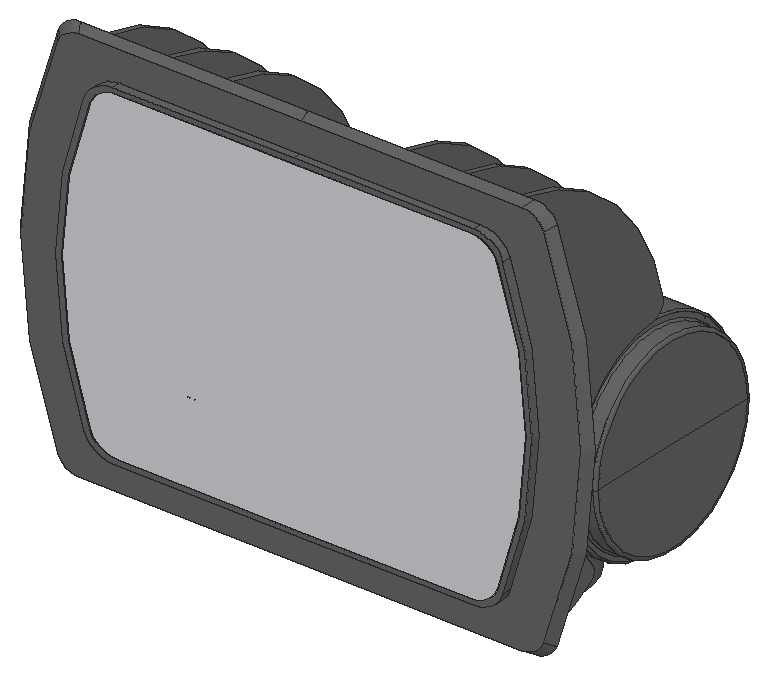
Revit family "Alpha Floodlight", category Lighting Fixtures, host Face, Revit 2021
Family settings
  Host = Face
  Round Connector Dimension = Use Diameter
  Part Type = Normal
  OmniClass Number = 23.80.70.14
  OmniClass Title = Luminaries for External Lighting
  Cut with Voids When Loaded = No
  Light Source = No
  Shared = No
  Room Calculation Point = No
Parameters (values of type "Alpha Floodlight")
  Watts = 55 W
  Wattage Comments = "55-220W"
  Voltage = 120 V
  URL = "https://www.currentlighting.com/beacon"
  Rotation [instance] = if(Rotate Angle < 45.00°, 45.00°, if(Rotate Angle > 150.00°, 150.00°, Rotate Angle))  # 90.00°
  Rotate Angle [instance] = 90.00°
  Product Page URL = ""
  Product Documments Link = ""
  Power Factor = 1
  Photometric  Note = "More IES files download Photometric Web Link"  # constant formula
  Photometric = ALPHA Light : AL-X-60L-136-4K7-5X5-UNV
  Material Finish = Black
  Model = "Alpha Floodlight"  # constant formula
  Manufacturer = "Beacon Products"  # constant formula
  Lamp = "LED,s"
  Height = 6.250"
  Glass = White Glass
  Description = "Alpha is More Than a Floodlight … it is a revolutionary design that provides more than just architectural lighting"  # constant formula
  Default Elevation = 48.000"
  Apparent Load = Watts / Power Factor  # 55 VA
Reference planes (in)
  plane 1 "Center (Front/Back)": y = 0
  plane 2: z = 0
  plane 3 "Center (Left/Right)": x = 0
  plane 4: z = 6.25
  plane 5: y = -2.09251
Forms (in)
  Extrusion 1, solid, material "Black" <- "Material Finish"
    sketch origin (0, 0, 0) x (1, 0, 0) y (0, 1, 0)
      loop
        circle (0, 0) r 2.25
    from 0 to 6.25
Dimensions and locks (in)
  "Height": plane 4 to host face
  "Rotation": angle plane 5 to nested 1
  aligned and locked: plane 2 to host face
  aligned and locked: level to host face
  aligned and locked: Extrusion 1 to level
  aligned and locked: plane 4 to Extrusion 1
  aligned and locked: nested 1 to plane 3 "Center (Left/Right)"
  aligned and locked: plane 4 to nested 1
  aligned and locked: plane 5 to nested 1
Automatic sketch dimensions
  host sketch curve to host sketch curve = 96.000"  (x2)
  plane 1 "Center (Front/Back)" to Extrusion 1 sketch curve = 0.000"
  Extrusion 1 sketch curve to plane 3 "Center (Left/Right)" = 0.000"
  radius of Extrusion 1 sketch curve = 2.250"
Nested families (in)
  nested 1: "ALPHA Light" at (0, -7.42838, 8.8076) x (0, 0, 1) z (1, 0, 0), type <- "Photometric", type "AL-X-60L-136-4K7-5X5-UNV"
Connectors (in)
  electrical at (0, 0, 0), driven by "Voltage", driven by "Apparent Load", driven by "Power Factor"
    settings: on Extrusion 1, index 1, voltage 120 V, apparent load 55 VA, apparent load phase1 0 VA, apparent load phase2 0 VA, apparent load phase3 0 VA, power factor 1, load classification "Other", number of poles 1, system type 30, power factor state 1, is connector primary yes, connector utility no, sub classification motor no, connector description "Lighting Connector"
Definition of nested family "ALPHA Light"
  Parameters
    Wattage = 80 W
    built-in parameter 1150110 = 1 (stored number, unit not read)
    built-in parameter 1114217 = 1 (stored number, unit not read)
    Tilt Angle = 90.00°
    built-in parameter 1150109 = 1 (stored number, unit not read)
    built-in parameter 1150134 = (empty or 0)
    built-in parameter 1150113 = 1 (stored number, unit not read)
    Photometric Web File = "AL-X-36L-80-3K7-4X4-UNV.ies"
    built-in parameter 1150105 = 674.82 (stored number, unit not read)
    Lumens = 8480 lm
    built-in parameter 1150115 = 1 (stored number, unit not read)
    built-in parameter 1150137 = (empty or 0)
    built-in parameter 1150139 = (empty or 0)
    built-in parameter 1150112 = 1 (stored number, unit not read)
    built-in parameter 1150114 = 1 (stored number, unit not read)
    built-in parameter 1150132 = (empty or 0)
    built-in parameter 1150102 = (empty or 0)
    built-in parameter 1150107 = 3000 (stored number, unit not read)
    built-in parameter 1150138 = (empty or 0)
    built-in parameter 1150106 = 6.7482 (stored number, unit not read)
    Glass = none
    Housing = none
    Emit from Rectangle Width = 12.000"
    Emit from Rectangle Length = 8.000"
    Emit Shape Visible in Rendering = no
    built-in parameter 1150104 = 9.8477 (stored number, unit not read)
    Dimming Lamp Color Temperature Shift = (empty or 0)
    Default Elevation = 48.000"
    Color Filter = 16777215
    built-in parameter 1114218 = 1 (stored number, unit not read)
    built-in parameter 1150133 = 10 (stored number, unit not read)
  Reference planes (in)
    plane 1 "Center (Front/Back)": y = 0
    plane 2: z = 0
    plane 3 "Center (Left/Right)": x = 0
    plane 4: x = 0.0049
    plane 5: x = 0.0049
  Forms (in)
    Blend 1, solid, material <- "Housing"
      base sketch origin (-8.8076, 0, 0) x (0, 0, -1) y (1, 0, 0)
        loop
          line (0, 14.625) -> (-6.48912, 14.625)
          arc (-6.48912, 14.625) -> (-6.86754, 14.51077) -> (-7.11953, 14.20623) r 0.68389
          arc (-7.11953, 14.20623) -> (-8.20755, 8.8125) -> (-7.11953, 3.41877) r 13.91345
          arc (-7.11953, 3.41877) -> (-6.86754, 3.11423) -> (-6.48912, 3) r 0.68389
          line (-6.48912, 3) -> (0, 3) -> (6.48912, 3)
          arc (6.48912, 3) -> (6.86754, 3.11423) -> (7.11953, 3.41877) r 0.68389
          arc (7.11953, 3.41877) -> (8.20755, 8.8125) -> (7.11953, 14.20623) r 13.91345
          arc (7.11953, 14.20623) -> (6.86754, 14.51077) -> (6.48912, 14.625) r 0.68389
          line (6.48912, 14.625) -> (0, 14.625)
      top sketch origin (-8.8076, 0, 0) x (0, 0, -1) y (1, 0, 0)
        loop
          arc (-6.32503, 14.46875) -> (-6.69387, 14.35741) -> (-6.9395, 14.06057) r 0.6666
          arc (-6.9395, 14.06057) -> (-8, 8.80323) -> (-6.9395, 3.5459) r 13.56161
          arc (-6.9395, 3.5459) -> (-6.69387, 3.24906) -> (-6.32503, 3.13772) r 0.6666
          line (-6.32503, 3.13772) -> (0, 3.13772) -> (6.32503, 3.13772)
          arc (6.32503, 3.13772) -> (6.69387, 3.24906) -> (6.9395, 3.5459) r 0.6666
          arc (6.9395, 3.5459) -> (8, 8.80323) -> (6.9395, 14.06057) r 13.56161
          arc (6.9395, 14.06057) -> (6.69387, 14.35741) -> (6.32503, 14.46875) r 0.6666
          line (6.32503, 14.46875) -> (0, 14.46875) -> (-6.32503, 14.46875)
      from -0.47105 to -0.22105
    Extrusion 2, solid, material <- "Housing"
      sketch origin (-8.8076, 0, 0) x (0, 0, -1) y (1, 0, 0)
        loop
          arc (-5.15231, 13.625) -> (-5.65479, 13.47051) -> (-5.98368, 13.0604) r 0.89441
          arc (-5.98368, 13.0604) -> (-6.7955, 8.8125) -> (-5.98368, 4.5646) r 11.51974
          arc (-5.98368, 4.5646) -> (-5.65479, 4.15449) -> (-5.15231, 4) r 0.89441
          line (-5.15231, 4) -> (0, 4) -> (5.15231, 4)
          arc (5.15231, 4) -> (5.65479, 4.15449) -> (5.98368, 4.5646) r 0.89441
          arc (5.98368, 4.5646) -> (6.7955, 8.8125) -> (5.98368, 13.0604) r 11.51974
          arc (5.98368, 13.0604) -> (5.65479, 13.47051) -> (5.15231, 13.625) r 0.89441
          line (5.15231, 13.625) -> (0, 13.625) -> (-5.15231, 13.625)
        loop
          line (5.07345, 13.49563) -> (0, 13.49563) -> (-5.07345, 13.49563)
          arc (-5.07345, 13.49563) -> (-5.51893, 13.35927) -> (-5.81176, 12.9969) r 0.79585
          arc (-5.81176, 12.9969) -> (-6.62364, 8.82546) -> (-5.82709, 4.65106) r 11.22843
          arc (-5.82709, 4.65106) -> (-5.52257, 4.27209) -> (-5.05784, 4.12937) r 0.82799
          line (-5.05784, 4.12937) -> (0, 4.12937) -> (5.05784, 4.12937)
          arc (5.05784, 4.12937) -> (5.52257, 4.27209) -> (5.82709, 4.65106) r 0.82799
          arc (5.82709, 4.65106) -> (6.62364, 8.82546) -> (5.81176, 12.9969) r 11.22843
          arc (5.81176, 12.9969) -> (5.51893, 13.35927) -> (5.07345, 13.49563) r 0.79585
      from -0.22105 to 0.02895
    Extrusion 3, solid, material <- "Housing"
      sketch origin (-8.81812, -0.05965, -4.80669) x (1, 0, 0) y (0, 1, 0)
        loop
          arc (9.47934, 5.0546) -> (7.47558, 2.3487) -> (4.15058, 2.87913) r 3.24317
          arc (4.15058, 2.87913) -> (3.97277, 2.93508) -> (3.80965, 2.84485) r 0.23652
          arc (3.80965, 2.84485) -> (3.21704, 1.75355) -> (3.00072, 0.5307) r 3.86866
          line (3.00072, 0.5307) -> (14.61555, 0.5307)
          arc (14.61555, 0.5307) -> (13.02765, 3.69915) -> (9.90604, 5.37725) r 5.87336
          arc (9.90604, 5.37725) -> (9.62099, 5.31074) -> (9.47934, 5.0546) r 0.36036
      from 2.44718 to 2.61804
    Extrusion 4, solid, material <- "Housing"
      sketch origin (-8.81812, -0.05965, -6.49419) x (1, 0, 0) y (0, 1, 0)
        loop
          arc (9.47934, 5.0546) -> (7.47558, 2.3487) -> (4.15058, 2.87913) r 3.24317
          arc (4.15058, 2.87913) -> (3.97277, 2.93508) -> (3.80965, 2.84485) r 0.23652
          arc (3.80965, 2.84485) -> (3.21704, 1.75355) -> (3.00072, 0.5307) r 3.86866
          line (3.00072, 0.5307) -> (14.61555, 0.5307)
          arc (14.61555, 0.5307) -> (13.02765, 3.69915) -> (9.90604, 5.37725) r 5.87336
          arc (9.90604, 5.37725) -> (9.62099, 5.31074) -> (9.47934, 5.0546) r 0.36036
      from 2.44718 to 2.61804
    Extrusion 5, solid, material <- "Housing"
      sketch origin (-8.81812, -0.05965, 0.25581) x (1, 0, 0) y (0, 1, 0)
        loop
          arc (9.47934, 5.0546) -> (7.47558, 2.3487) -> (4.15058, 2.87913) r 3.24317
          arc (4.15058, 2.87913) -> (3.97277, 2.93508) -> (3.80965, 2.84485) r 0.23652
          arc (3.80965, 2.84485) -> (3.21704, 1.75355) -> (3.00072, 0.5307) r 3.86866
          line (3.00072, 0.5307) -> (14.61555, 0.5307)
          arc (14.61555, 0.5307) -> (13.02765, 3.69915) -> (9.90604, 5.37725) r 5.87336
          arc (9.90604, 5.37725) -> (9.62099, 5.31074) -> (9.47934, 5.0546) r 0.36036
      from 2.44718 to 2.61804
    Extrusion 6, solid, material <- "Housing"
      sketch origin (-8.81812, -0.05965, 1.94331) x (1, 0, 0) y (0, 1, 0)
        loop
          arc (9.47934, 5.0546) -> (7.47558, 2.3487) -> (4.15058, 2.87913) r 3.24317
          arc (4.15058, 2.87913) -> (3.97277, 2.93508) -> (3.80965, 2.84485) r 0.23652
          arc (3.80965, 2.84485) -> (3.21704, 1.75355) -> (3.00072, 0.5307) r 3.86866
          line (3.00072, 0.5307) -> (14.61555, 0.5307)
          arc (14.61555, 0.5307) -> (13.02765, 3.69915) -> (9.90604, 5.37725) r 5.87336
          arc (9.90604, 5.37725) -> (9.62099, 5.31074) -> (9.47934, 5.0546) r 0.36036
      from 2.44718 to 2.61804
    Extrusion 7, solid, material <- "Housing"
      sketch origin (-8.81812, -0.05965, -8.19001) x (1, 0, 0) y (0, 1, 0)
        loop
          arc (9.47934, 5.0546) -> (7.47558, 2.3487) -> (4.15058, 2.87913) r 3.24317
          arc (4.15058, 2.87913) -> (3.97277, 2.93508) -> (3.80965, 2.84485) r 0.23652
          arc (3.80965, 2.84485) -> (3.21704, 1.75355) -> (3.00072, 0.5307) r 3.86866
          line (3.00072, 0.5307) -> (14.61555, 0.5307)
          arc (14.61555, 0.5307) -> (13.02765, 3.69915) -> (9.90604, 5.37725) r 5.87336
          arc (9.90604, 5.37725) -> (9.62099, 5.31074) -> (9.47934, 5.0546) r 0.36036
      from 2.44718 to 2.61804
    Extrusion 8, solid, material <- "Housing"
      sketch origin (-8.81812, -0.05965, 3.63481) x (1, 0, 0) y (0, 1, 0)
        loop
          arc (9.47934, 5.0546) -> (7.47558, 2.3487) -> (4.15058, 2.87913) r 3.24317
          arc (4.15058, 2.87913) -> (3.97277, 2.93508) -> (3.80965, 2.84485) r 0.23652
          arc (3.80965, 2.84485) -> (3.21704, 1.75355) -> (3.00072, 0.5307) r 3.86866
          line (3.00072, 0.5307) -> (14.61555, 0.5307)
          arc (14.61555, 0.5307) -> (13.02765, 3.69915) -> (9.90604, 5.37725) r 5.87336
          arc (9.90604, 5.37725) -> (9.62099, 5.31074) -> (9.47934, 5.0546) r 0.36036
      from 2.44718 to 2.61804
    Extrusion 9, solid, material <- "Housing"
      sketch origin (-8.81812, -0.05965, -1.43168) x (1, 0, 0) y (0, 1, 0)
        loop
          arc (4.27055, 2.31426) -> (3.87642, 1.46024) -> (3.73272, 0.5307) r 3.38229
          line (3.73272, 0.5307) -> (13.8873, 0.5307)
          arc (13.8873, 0.5307) -> (12.52316, 3.27581) -> (9.83804, 4.75457) r 5.13495
          arc (9.83804, 4.75457) -> (9.54852, 4.70378) -> (9.3708, 4.46964) r 0.40234
          arc (9.3708, 4.46964) -> (7.55497, 2.38235) -> (4.78934, 2.45555) r 3.24317
          arc (4.78934, 2.45555) -> (4.50283, 2.48447) -> (4.27055, 2.31426) r 0.40179
      from 2.44718 to 2.61804
    Extrusion 10, solid, material <- "Housing"
      sketch origin (-8.81812, -0.05965, -3.11919) x (1, 0, 0) y (0, 1, 0)
        loop
          arc (4.27055, 2.31426) -> (3.87642, 1.46024) -> (3.73272, 0.5307) r 3.38229
          line (3.73272, 0.5307) -> (13.8873, 0.5307)
          arc (13.8873, 0.5307) -> (12.52316, 3.27581) -> (9.83804, 4.75457) r 5.13495
          arc (9.83804, 4.75457) -> (9.54852, 4.70378) -> (9.3708, 4.46964) r 0.40234
          arc (9.3708, 4.46964) -> (7.55497, 2.38235) -> (4.78934, 2.45555) r 3.24317
          arc (4.78934, 2.45555) -> (4.50283, 2.48447) -> (4.27055, 2.31426) r 0.40179
      from 2.44718 to 2.61804
    Revolve 11, solid, material <- "Housing"
      sketch origin (-2.5576, 0, 0) x (0, 0, -1) y (0, 1, 0)
        loop
          arc (7.50134, 6.31087) -> (7.47261, 6.29351) -> (7.46134, 6.26188) r 0.05
          line (7.46134, 6.26188) -> (7.46134, 5.91737) -> (7.42784, 5.93325) -> (7.16382, 7.43321)
          arc (7.16382, 7.43321) -> (7.15622, 7.4483) -> (7.14156, 7.4567) r 0.02933
          line (7.14156, 7.4567) -> (7.11074, 7.45885)
          arc (7.11074, 7.45885) -> (7.06968, 7.47713) -> (7.05284, 7.51881) r 0.06
          line (7.05284, 7.51881) -> (7.05284, 7.80983)
          arc (7.05284, 7.80983) -> (7.02758, 7.87235) -> (6.96598, 7.89978) r 0.09
          line (6.96598, 7.89978) -> (6.34824, 7.92135)
          arc (6.34824, 7.92135) -> (6.30718, 7.93963) -> (6.29034, 7.98131) r 0.06
          line (6.29034, 7.98131) -> (6.29034, 8.27182)
          arc (6.29034, 8.27182) -> (6.27348, 8.31351) -> (6.23239, 8.33179) r 0.06
          line (6.23239, 8.33179) -> (6.11429, 8.33584)
          arc (6.11429, 8.33584) -> (6.09376, 8.32669) -> (6.08534, 8.30585) r 0.03
          line (6.08534, 8.30585) -> (6.08534, 5.33587) -> (7.98134, 5.33587) -> (7.98134, 6.19214)
          arc (7.98134, 6.19214) -> (7.96936, 6.22462) -> (7.93916, 6.24153) r 0.05
          line (7.93916, 6.24153) -> (7.50134, 6.31087)
        axis (6.08534, 5.33587) -> (7.98134, 5.33587)
      angle from 0 to 360
    Revolve 12, solid, material <- "Housing"
      sketch origin (-2.5576, 0, 0) x (0, 0, -1) y (0, 1, 0)
        loop
          arc (-5.92663, 8.33505) -> (-5.96198, 8.32041) -> (-5.97663, 8.28506) r 0.05
          line (-5.97663, 8.28506) -> (-5.97663, 8.14489)
          arc (-5.97663, 8.14489) -> (-5.99461, 8.10296) -> (-6.03688, 8.0858) r 0.06
          line (-6.03688, 8.0858) -> (-6.44966, 8.08497)
          arc (-6.44966, 8.08497) -> (-6.5133, 8.0586) -> (-6.53966, 7.99496) r 0.09001
          line (-6.53966, 7.99496) -> (-6.53966, 5.33587) -> (-6.44982, 5.33587) -> (-6.44982, 7.99596) -> (-5.88679, 7.99596) -> (-5.88679, 8.24521) -> (5.70517, 8.24521) -> (5.70517, 5.33587) -> (5.79502, 5.33587) -> (5.79502, 8.28835)
          arc (5.79502, 8.28835) -> (5.77856, 8.32162) -> (5.74396, 8.33505) r 0.05126
          line (5.74396, 8.33505) -> (-5.92663, 8.33505)
        axis (-6.53966, 5.33587) -> (5.79502, 5.33587)
      angle from 0 to 360
    Extrusion 13, solid, material <- "Housing"
      sketch origin (-8.8076, 0, -4.80669) x (1, 0, 0) y (0, 1, 0)
        loop
          arc (9.24099, 5.10404) -> (8.18582, 3.04406) -> (5.97839, 2.34823) r 2.99996
          line (5.97839, 2.34823) -> (5.97839, 0.95499) -> (4.78704, 0.95499)
          arc (4.78704, 0.95499) -> (4.53652, 0.85122) -> (4.43275, 0.6007) r 0.35429
          line (4.43275, 0.6007) -> (4.43275, 0.47105) -> (13.19225, 0.47105) -> (13.19225, 0.6007)
          arc (13.19225, 0.6007) -> (13.08848, 0.85122) -> (12.83796, 0.95499) r 0.35429
          line (12.83796, 0.95499) -> (11.64661, 0.95499) -> (11.64661, 2.3367) -> (9.24099, 5.10404)
      from -0.76528 to -1.3076
    Extrusion 14, solid, material <- "Housing"
      sketch origin (-8.8076, 0, -4.80669) x (1, 0, 0) y (0, 1, 0)
        loop
          arc (8.37082, 5.33587) -> (7.89186, 3.99342) -> (6.6713, 3.25732) r 2.12082
          line (6.6713, 3.25732) -> (6.6713, 0.47105) -> (10.7613, 0.47105) -> (10.7613, 2.58595) -> (8.37082, 5.33587)
      from -1.3076 to -1.83843
    Extrusion 15, solid, material <- "Glass"
      sketch origin (-8.8076, 0.22105, 0) x (0, 0, -1) y (1, 0, 0)
        loop
          line (5.07345, 13.49563) -> (0, 13.49563) -> (-5.07345, 13.49563)
          arc (-5.07345, 13.49563) -> (-5.51893, 13.35927) -> (-5.81176, 12.9969) r 0.79585
          arc (-5.81176, 12.9969) -> (-6.62364, 8.82546) -> (-5.82709, 4.65106) r 11.22843
          arc (-5.82709, 4.65106) -> (-5.52257, 4.27209) -> (-5.05784, 4.12937) r 0.82799
          line (-5.05784, 4.12937) -> (0, 4.12937) -> (5.05784, 4.12937)
          arc (5.05784, 4.12937) -> (5.52257, 4.27209) -> (5.82709, 4.65106) r 0.82799
          arc (5.82709, 4.65106) -> (6.62364, 8.82546) -> (5.81176, 12.9969) r 11.22843
          arc (5.81176, 12.9969) -> (5.51893, 13.35927) -> (5.07345, 13.49563) r 0.79585
      from 0 to 0.25
  Lines and regions (in)
    reference lines
      curve 1: line (-2.5576, 5.33587, 0) -> (-12.9761, 5.33587, 0)
      curve 2: line (-2.5576, 5.33587, 0) -> (-2.5576, 11.25437, 0)
  Dimensions and locks (in)
    aligned and locked: level to plane 2
    aligned and locked: Extrusion 13 to Extrusion 7
    aligned and locked: Extrusion 13 to Extrusion 14
